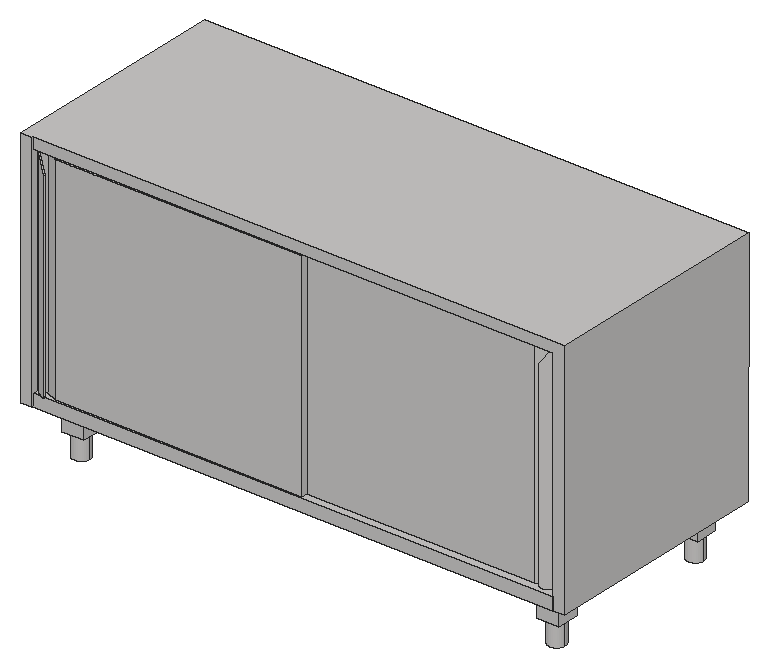
Revit family "QF_ELECTROLUXPROFESSIONAL_121926_TE2S16", category Attrezzature speciali, Revit 2020
Family settings
  Quota connettore circolare = Usa diametro
  Tipo di parte = Normale
  Basato su piano di lavoro = No
  Sempre verticale = Sì
  Taglio con vuoti quando caricato = No
  Condiviso = No
  Punto di calcolo locali = No
Parameters (values of type "Standard")
  Weight = 97.00 kg
  Watts = 0 W
  Volts = 0 V
  URL Manufacturer = "https://www.electroluxprofessional.com/"
  URL = "https://www.electroluxprofessional.com/"
  Steam Supply Size = 0 mm
  Steam Supply Minimum Pressure = 0.0 Pa
  Steam Supply Maximum Pressure = 0.0 Pa
  Steam Consumption per Hour = 0
  Refrigeration Suction Line Size = 0.0 mm
  Refrigeration Liquid Line Size = 0.0 mm
  Refrigerant Compressor Remote = yes
  Prospetto di default = 0.0 mm
  Phase = 0
  Modello = "TE2S16"
  Produttore = "Electrolux Professional"
  Length Actual = 1600.0 mm  # constant formula
  Item Number = "121926"
  Hot Water Size = 0 mm
  Height Actual = 860.0 mm  # constant formula
  HP = "0 HP"
  Gas Size = 0 mm
  Gas KW = 0
  Gas Input Pressure = 0 W
  Direct Waste Size = 0 mm
  Descrizione = "AMBIENT UNIT 2 SLIDING DOORS 1600MM"
  Depth Actual = 680.0 mm  # constant formula
  Cycle = 0 Hz
  Condensate Return Size = 0 mm
  Compressed Air Volume = 0.0 L/s
  Compressed Air Size = 0 mm
  Compressed Air Pressure = 0.0 Pa
  Cold Water Size = 0 mm
  Accessory = yes
Reference planes
  plane 1 "Center (Front/Back)": y = 0
  plane 2: z = 0
  plane 3 "Center (Left/Right)": x = -300
  plane 4 "LEFT": x = -1100
  plane 5 "RIGHT": x = 500
  plane 6 "BACK": y = 340
  plane 7 "FRONT": y = -340
  plane 8 "Base": z = 860
  plane 9 "TOP": z = 900
  plane 10: x = -1000
  plane 11: x = 400
  plane 12: y = 270
  plane 13: y = -240
  plane 14 "FEET": z = 150
  plane 15: x = -1066
  plane 16: y = -337
  plane 17: y = 310
  plane 18: x = 466
  plane 19: x = -326.5
  plane 20: x = -273.5
Forms (mm)
  Extrusion 1, solid, material "QF_Finishes_Stainless Steel"
    sketch origin (0, 0, 150) x (-1, 0, 0) y (0, -1, 0)
      loop
        line (1100, -340) -> (1100, 340) -> (1066, 340) -> (1066, -340) -> (1100, -340)
      loop
        line (-466, -340) -> (-466, 337) -> (-500, 337) -> (-500, -340) -> (-466, -340)
    from 0 to 710
  Extrusion 2, solid, material "QF_Finishes_Stainless Steel"
    sketch origin (0, 0, 150) x (-1, 0, 0) y (0, -1, 0)
      loop
        line (1066, -310) -> (1066, 337) -> (-466, 337) -> (-466, -310) -> (1066, -310)
    from 0 to 35
  Extrusion 3, solid, material "QF_Finishes_Stainless Steel"
    sketch origin (0, 0, 0) x (1, 0, 0) y (0, 1, 0)
      loop
        line (-1066, -337) -> (466, -337) -> (466, 340) -> (-1066, 340) -> (-1066, -337)
    from 830 to 860
  Extrusion 4, solid, material "QF_Finishes_Stainless Steel"
    sketch origin (0, 0, 150) x (-1, 0, 0) y (0, -1, 0)
      loop
        line (1066, -340) -> (1066, -310) -> (-466, -310) -> (-466, -340) -> (1066, -340)
    from 680 to 0
  Extrusion 5, solid, material "QF_Finishes_Stainless Steel"
    sketch origin (0, -340, 0) x (-1, 0, 0) y (0, 0, 1)
      loop
        line (301, 185) -> (301, 187) -> (299, 187) -> (299, 185) -> (301, 185)
    from 45 to 43
  Extrusion 6, solid, material "QF_Finishes_Stainless Steel"
    sketch origin (0, 0, 150) x (-1, 0, 0) y (0, -1, 0)
      loop
        line (326.5, 317) -> (-398, 317) -> (-433, 302) -> (-463, 302) -> (-463, 297) -> (326.5, 297) -> (326.5, 317)
    from 675 to 40
  Extrusion 7, solid, material "QF_Finishes_Stainless Steel"
    sketch origin (0, 0, 150) x (-1, 0, 0) y (0, -1, 0)
      loop
        line (-421, 331) -> (-449, 316) -> (-463, 302) -> (-460.172, 302) -> (-447.795, 314.377) -> (-420.056, 329.237) -> (-421, 331)
    from 675 to 40
  Extrusion 8, solid, material "QF_Finishes_Stainless Steel"
    sketch origin (0, 0, 150) x (-1, 0, 0) y (0, -1, 0)
      loop
        line (273.5, 337) -> (273.5, 317) -> (1063, 317) -> (1063, 322) -> (1033, 322) -> (998, 337) -> (273.5, 337)
    from 675 to 40
  Extrusion 9, solid, material "QF_Finishes_Stainless Steel"
    sketch origin (0, 0, 150) x (-1, 0, 0) y (0, -1, 0)
      loop
        line (1021, 351) -> (1020.056, 349.237) -> (1047.795, 334.377) -> (1060.172, 322) -> (1063, 322) -> (1049, 336) -> (1021, 351)
    from 675 to 40
  Extrusion 10, void
    sketch origin (-318.5, -342.5, 2435) x (-1, 0, 0) y (0, 0, 1)
      loop
        line (697, -1610) -> (697, -1661.75) -> (731.5, -1610) -> (697, -1610)
      loop
        line (701.556, -2245) -> (711.556, -2245)
        arc (711.556, -2245) -> (704.484, -2242.071) -> (701.556, -2235) r 10
        line (701.556, -2235) -> (701.556, -2245)
    from -13.118 to 9.689
  Extrusion 11, void
    sketch origin (-481.5, -342.5, 2430) x (1, 0, 0) y (0, 0, -1)
      loop
        line (897, 1605) -> (931.5, 1605) -> (897, 1656.75) -> (897, 1605)
      loop
        line (901.556, 2240) -> (901.556, 2230)
        arc (901.556, 2230) -> (904.484, 2237.071) -> (911.556, 2240) r 10
        line (911.556, 2240) -> (901.556, 2240)
    from 5.5 to 29.918
Cuts and joins
  joined: Extrusion 1, Extrusion 3, Extrusion 4
  Extrusion 10 cuts Extrusion 9
  Extrusion 11 cuts Extrusion 7
Lines and regions (mm)
  symbolic lines, style "SpecialityEquipmentHiddenLines"
    curve 1: line (500, 340, 900) -> (-1100, 340, 900)
    curve 2: line (500, -340, 900) -> (500, 340, 900)
    curve 3: line (-1100, -344.5, 150) -> (-1100, 340, 150)
    curve 4: line (-1100, -340, 150) -> (-1066, -340, 150)
    curve 5: line (-1066, -340, 150) -> (-1066, -337, 150)
    curve 6: line (-1066, -337, 150) -> (466, -337, 150)
    curve 7: line (466, -337, 150) -> (466, -340, 150)
    curve 8: line (466, -340, 150) -> (500, -340, 150)
    curve 9: line (466, -340, 1600) -> (466, -337, 1600)
    curve 11: line (-1066, -337, 1600) -> (-1066, -340, 1600)
    curve 12: line (466, -297, 200) -> (-326.5, -297, 200)
    curve 13: line (-326.5, -297, 200) -> (-326.5, -317, 200)
    curve 14: line (399, -317, 200) -> (-1063, -317, 200)
    curve 18: line (-273.5, -317, 200) -> (-273.5, -337, 200)
    curve 19: line (398, -317, 1600) -> (433, -302, 1600)
    curve 20: line (433, -302, 1600) -> (463, -302, 1600)
    curve 21: line (463, -302, 1600) -> (463, -297, 1600)
    curve 22: line (420.958, -331.023, 1600) -> (448.999, -316.001, 1600)
    curve 23: line (448.999, -316.001, 1600) -> (463, -302, 1600)
    curve 24: line (460.172, -302, 1600) -> (447.795, -314.377, 1600)
    curve 25: line (447.795, -314.377, 1600) -> (419.992, -329.271, 1600)
    curve 26: line (419.992, -329.271, 1600) -> (420.958, -331.023, 1600)
    curve 27: line (-1063, -317, 1600) -> (-1063, -322, 1600)
    curve 28: line (-1063, -322, 1600) -> (-1049, -336, 1600)
    curve 29: line (-1049, -336, 1600) -> (-1047.133, -337, 1600)
    curve 30: line (-1042.884, -337, 1600) -> (-1047.955, -334.283, 1600)
    curve 31: line (-1047.955, -334.283, 1600) -> (-1060.239, -322, 1600)
    curve 32: line (-998, -337, 1600) -> (-1033, -322, 1600)
    curve 33: line (-1033, -322, 1600) -> (-1063, -322, 1600)
  symbolic lines, style "SpecialityEquipment"
    curve 10: line (466, -337, 1600) -> (-1066, -337, 1600)
    curve 15: line (-1047.133, -337, 1600) -> (-1020.985, -351.008, 1600)
    curve 16: line (-1020.985, -351.008, 1600) -> (-1020.038, -349.239, 1600)
    curve 17: line (-1042.884, -337, 1600) -> (-1020.038, -349.239, 1600)
Dimensions and locks
  plane 4 "LEFT" to plane 5 "RIGHT" = 1600.0 mm
  equal spacing: plane 4 "LEFT", plane 3 "Center (Left/Right)", plane 5 "RIGHT"
  plane 6 "BACK" to plane 7 "FRONT" = 680.0 mm
  equal spacing: plane 6 "BACK", plane 1 "Center (Front/Back)", plane 7 "FRONT"
  locked: plane 14 "FEET" to level at 150
  locked: plane 4 "LEFT" to plane 10 at 100
  locked: plane 11 to plane 5 "RIGHT" at 100
  locked: plane 4 "LEFT" to plane 15 at 34
  plane 16 to plane 7 "FRONT" = 3.0 mm
  plane 6 "BACK" to plane 17 = 30.0 mm
  locked: plane 6 "BACK" to plane 12 at 70
  locked: plane 13 to plane 7 "FRONT" at 100
  locked: plane 8 "Base" to level at 860
  locked: plane 9 "TOP" to level at 900
  locked: plane 18 to plane 5 "RIGHT" at 34
  locked: plane 19 to plane 20 at 53
  equal spacing: plane 19, plane 3 "Center (Left/Right)", plane 20
  aligned and locked: level to plane 2
  aligned and locked: plane 10 to nested 1
  aligned and locked: plane 11 to nested 2  (x2)
  aligned and locked: nested 4 to plane 12
  aligned and locked: plane 10 to nested 3
  aligned and locked: nested 3 to plane 12
  aligned and locked: plane 8 "Base" to Extrusion 1
  aligned and locked: plane 6 "BACK" to Extrusion 1 sketch curve
  aligned and locked: Extrusion 1 sketch curve to plane 6 "BACK"
  aligned and locked: Extrusion 1 sketch curve to plane 7 "FRONT"
  aligned and locked: plane 15 to Extrusion 1
  aligned and locked: Extrusion 2 to plane 15
  aligned and locked: plane 8 "Base" to Extrusion 3
  aligned and locked: Extrusion 2 to plane 16
  aligned and locked: Extrusion 2 to plane 17
  aligned and locked: Extrusion 3 to plane 16
  aligned and locked: plane 15 to Extrusion 4 sketch curve
  aligned and locked: Extrusion 4 sketch curve to plane 6 "BACK"
  aligned and locked: Extrusion 4 sketch curve to plane 17
  aligned and locked: Extrusion 4 to Extrusion 3
  aligned and locked: Extrusion 4 to plane 14 "FEET"
  aligned and locked: plane 6 "BACK" to Extrusion 3
  aligned and locked: nested 1 to plane 13
  aligned and locked: nested 2 to plane 13
  aligned and locked: plane 18 to Extrusion 3
  aligned and locked: Extrusion 2 sketch curve to plane 18
  aligned and locked: cut or joined group of Extrusion 1, Extrusion 3, Extrusion 4 to plane 18
  aligned and locked: plane 18 to cut or joined group of Extrusion 1, Extrusion 3, Extrusion 4
  aligned and locked: Extrusion 6 to plane 19
  aligned and locked: curve 13 to plane 19
  aligned and locked: plane 20 to Extrusion 8
  aligned and locked: curve 18 to plane 20
  aligned and locked: curve 7 to curve 9
  aligned and locked: plane 18 to curve 9
  aligned and locked: nested 4 to nested 4
  aligned and locked: nested 4 to nested 2
Automatic sketch dimensions
  curve 2 to plane 5 "RIGHT" = 0.0 mm
  curve 2 to plane 7 "FRONT" = 0.0 mm
  curve 1 to plane 4 "LEFT" = 0.0 mm
  curve 1 to plane 6 "BACK" = 0.0 mm
  Extrusion 1 sketch curve to plane 5 "RIGHT" = 0.0 mm
  Extrusion 1 sketch curve to plane 16 = 0.0 mm
  Extrusion 1 sketch curve to plane 18 = 0.0 mm
  Extrusion 1 sketch curve to plane 15 = 0.0 mm
  Extrusion 1 sketch curve to plane 4 "LEFT" = 0.0 mm
  Extrusion 2 sketch curve to plane 15 = 0.0 mm
  plane 17 to Extrusion 2 sketch curve = 0.0 mm
  Extrusion 2 sketch curve to plane 16 = 0.0 mm
  curve 8 to plane 5 "RIGHT" = 0.0 mm
  curve 6 to plane 15 = 0.0 mm
  curve 3 to plane 4 "LEFT" = 0.0 mm
  curve 3 to plane 6 "BACK" = 0.0 mm
  curve 6 to plane 16 = 0.0 mm
  curve 8 to plane 7 "FRONT" = 0.0 mm
  curve 4 to plane 7 "FRONT" = 0.0 mm
  curve 4 to curve 3 = 4.5 mm
  Extrusion 3 sketch curve to plane 6 "BACK" = 0.0 mm
  Extrusion 3 sketch curve to plane 15 = 0.0 mm
  Extrusion 3 sketch curve to plane 18 = 0.0 mm
  Extrusion 3 sketch curve to plane 16 = 0.0 mm
  Extrusion 4 sketch curve to plane 18 = 0.0 mm
  plane 3 "Center (Left/Right)" to Extrusion 5 sketch curve = 1.0 mm
  Extrusion 5 sketch curve to plane 3 "Center (Left/Right)" = 1.0 mm
  plane 14 "FEET" to Extrusion 5 sketch curve = 35.0 mm
  Extrusion 5 sketch curve to Extrusion 5 sketch curve = 2.0 mm
  Extrusion 6 sketch curve to plane 19 = 0.0 mm
  Extrusion 6 sketch curve to plane 11 = 2.0 mm
  plane 11 to Extrusion 6 sketch curve = 33.0 mm
  Extrusion 6 sketch curve to plane 18 = 3.0 mm
  plane 16 to Extrusion 6 sketch curve = 40.0 mm
  Extrusion 6 sketch curve to Extrusion 6 sketch curve = 5.0 mm
  Extrusion 6 sketch curve to Extrusion 6 sketch curve = 20.0 mm
  Extrusion 7 sketch curve to plane 18 = 3.0 mm
  Extrusion 7 sketch curve to Extrusion 7 sketch curve = 2.828 mm
  Extrusion 7 sketch curve to plane 18 = 17.0 mm
  Extrusion 7 sketch curve to Extrusion 7 sketch curve = 1.205 mm
  plane 16 to Extrusion 7 sketch curve = 6.0 mm
  plane 11 to Extrusion 7 sketch curve = 21.0 mm
  plane 16 to Extrusion 7 sketch curve = 7.763 mm
  Extrusion 7 sketch curve to Extrusion 7 sketch curve = 0.944 mm
  Extrusion 7 sketch curve to Extrusion 7 sketch curve = 12.377 mm
  Extrusion 8 sketch curve to plane 16 = 0.0 mm
  Extrusion 8 sketch curve to plane 20 = 0.0 mm
  plane 10 to Extrusion 8 sketch curve = 2.0 mm
  plane 16 to Extrusion 8 sketch curve = 15.0 mm
  Extrusion 8 sketch curve to plane 10 = 33.0 mm
  plane 15 to Extrusion 8 sketch curve = 3.0 mm
  Extrusion 8 sketch curve to Extrusion 8 sketch curve = 20.0 mm
  Extrusion 9 sketch curve to plane 10 = 20.056 mm
  Extrusion 9 sketch curve to plane 7 "FRONT" = 11.0 mm
  Extrusion 9 sketch curve to Extrusion 9 sketch curve = 0.944 mm
  plane 16 to Extrusion 9 sketch curve = 2.623 mm
  plane 15 to Extrusion 9 sketch curve = 18.205 mm
  plane 16 to Extrusion 9 sketch curve = 1.0 mm
  plane 15 to Extrusion 9 sketch curve = 5.828 mm
  Extrusion 9 sketch curve to Extrusion 9 sketch curve = 2.828 mm
  plane 16 to Extrusion 9 sketch curve = 15.0 mm
  curve 32 to plane 16 = 0.0 mm
  curve 11 to plane 15 = 0.0 mm
  curve 9 to plane 7 "FRONT" = 0.0 mm
  curve 11 to plane 7 "FRONT" = 0.0 mm
  curve 23 to plane 18 = 3.0 mm
  curve 23 to plane 18 = 17.001 mm
  curve 22 to curve 25 = 1.204 mm
  curve 24 to curve 19 = 14.795 mm
  plane 16 to curve 22 = 5.977 mm
  plane 11 to curve 22 = 20.958 mm
  plane 16 to curve 25 = 7.729 mm
  curve 22 to curve 25 = 0.966 mm
  curve 16 to plane 7 "FRONT" = 9.239 mm
  curve 16 to plane 10 = 20.038 mm
  curve 16 to plane 7 "FRONT" = 11.008 mm
  curve 16 to curve 16 = 0.948 mm
  curve 33 to curve 17 = 9.884 mm
  plane 16 to curve 30 = 2.717 mm
  curve 15 to curve 30 = 0.822 mm
  plane 16 to curve 29 = 1.0 mm
  curve 30 to curve 29 = 1.045 mm
  plane 15 to curve 33 = 3.0 mm
  plane 16 to curve 33 = 15.0 mm
  plane 16 to curve 23 = 20.999 mm
  curve 25 to curve 22 = 1.624 mm
  curve 19 to curve 24 = 12.377 mm
  curve 20 to curve 24 = 2.828 mm
  curve 19 to plane 11 = 2.0 mm
  plane 10 to curve 32 = 2.0 mm
  curve 30 to curve 17 = 0.0 mm
  curve 29 to curve 15 = 0.0 mm
  curve 31 to curve 27 = 2.761 mm
  curve 27 to curve 27 = 5.0 mm
  plane 16 to curve 19 = 20.0 mm
  curve 21 to curve 20 = 5.0 mm
  curve 12 to plane 18 = 0.0 mm
  curve 18 to plane 16 = 0.0 mm
  plane 16 to curve 13 = 40.0 mm
  curve 14 to plane 11 = 1.0 mm
  plane 15 to curve 14 = 3.0 mm
  curve 12 to curve 13 = 20.0 mm
  Extrusion 10 sketch curve to plane 10 = 15.5 mm
  Extrusion 10 sketch curve to plane 10 = 20.056 mm
  Extrusion 10 sketch curve to Extrusion 10 sketch curve = 10.0 mm
  plane 15 to Extrusion 10 sketch curve = 16.0 mm
  plane 14 "FEET" to Extrusion 10 sketch curve = 40.0 mm
  Extrusion 10 sketch curve to plane 8 "Base" = 86.75 mm
  Extrusion 10 sketch curve to plane 8 "Base" = 35.0 mm
  plane 11 to Extrusion 11 sketch curve = 15.5 mm
  plane 11 to Extrusion 11 sketch curve = 20.056 mm
  Extrusion 11 sketch curve to Extrusion 11 sketch curve = 10.0 mm
  Extrusion 11 sketch curve to plane 18 = 16.0 mm
  Extrusion 11 sketch curve to plane 8 "Base" = 35.0 mm
  Extrusion 11 sketch curve to Extrusion 11 sketch curve = 51.75 mm
  plane 14 "FEET" to Extrusion 11 sketch curve = 50.0 mm
Nested families
  nested 1: "FEET_L65-150" at (-1000, -240, 0), type "FEET_L65-150"
  nested 2: "FEET_L65-150" at (400, -240, 0), type "FEET_L65-150"
  nested 3: "FEET_L65-150" at (-1000, 270, 0), type "FEET_L65-150"
  nested 4: "FEET_L65-150" at (400, 270, 0), type "FEET_L65-150"
Definition of nested family "FEET_L65-150"
  Parameters
    Default Elevation = 0.0 mm
    FEET = 150.0 mm
  Reference planes
    plane 1 "Center (Front/Back)": y = 0
    plane 2: z = 0
    plane 3 "Center (Left/Right)": x = 0
    plane 4: z = 150
  Forms (mm)
    Extrusion 1, solid
      sketch origin (0, 0, 0) x (1, 0, 0) y (0, 1, 0)
        loop
          circle (0, 0) r 25
      from 0 to 67
    Extrusion 2, solid
      sketch origin (0, 0, 0) x (1, 0, 0) y (0, 1, 0)
        loop
          line (32.561, 32.5) -> (-32.439, 32.5) -> (-32.439, -32.5) -> (32.561, -32.5) -> (32.561, 32.5)
      from 67 to 150 <- "FEET"
  Lines and regions (mm)
    symbolic lines
      curve 1: line (0, -1.503, 0) -> (0, 1.508, 0)
      curve 2: line (1.561, 0, 0) -> (-1.439, 0, 0)
  Dimensions and locks
    "FEET": plane 4 to plane 2
    aligned and locked: level to plane 2
  Automatic sketch dimensions
    plane 1 "Center (Front/Back)" to Extrusion 1 sketch curve = 0.0 mm
    Extrusion 1 sketch curve to plane 3 "Center (Left/Right)" = 0.0 mm
    plane 1 "Center (Front/Back)" to curve 2 = 0.0 mm
    curve 1 to plane 3 "Center (Left/Right)" = 0.0 mm
    curve 2 to plane 3 "Center (Left/Right)" = 1.439 mm
    plane 3 "Center (Left/Right)" to curve 2 = 1.561 mm
    plane 1 "Center (Front/Back)" to curve 1 = 1.503 mm
    curve 1 to plane 1 "Center (Front/Back)" = 1.508 mm
    Extrusion 2 sketch curve to plane 1 "Center (Front/Back)" = 32.5 mm
    Extrusion 2 sketch curve to plane 3 "Center (Left/Right)" = 32.439 mm
    plane 3 "Center (Left/Right)" to Extrusion 2 sketch curve = 32.561 mm
    plane 1 "Center (Front/Back)" to Extrusion 2 sketch curve = 32.5 mm
    radius of Extrusion 1 sketch curve = 25.0 mm
